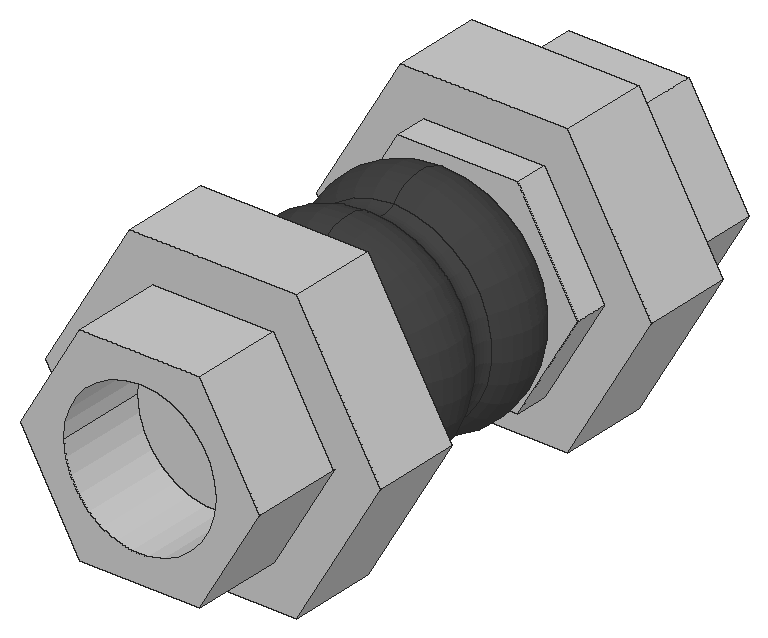
Revit family "КА РАШВОРК  арт.505 .rfa", category Арматура трубопроводов, Revit 2021
Family settings
  Размер круглого соединителя = Использовать диаметр
  Тип детали = Вставляется
  На основе рабочей плоскости = Нет
  Всегда вертикально = Нет
  При загрузке вырезать с полостями = Да
  Общий = Нет
Parameters (values of type "Компенсатор антивибрационный РАШВОРК 505-050-16, DN050, PN16, корпус - EPDM+Nylon, резьбовое соединение - ковкий чугун, ВР/ВР")
  Уго_длинна = 115 mm
  Корпус_ = Корпус : Корпус50
  Корпус = EPDM
  Отметка по умолчанию = 0 mm
  Муфтовое соединение = Ковкий чугун
  Изготовитель = "ООО \"ТД \"РАШВОРК\""
  URL = "https://rwru.ru/"
  LL_3 = 29 mm
  LL_2 = 95 mm
  LL3 = 30 mm
  LL2 = 70 mm
  LL = 68 mm
  L2 = 100 mm
  L = L2 * 2  # 200 mm
  DN_соединителя = 50 mm
  DN = 50 mm
  ADSK_Примечание = ""
  ADSK_Наименование краткое = ""
  ADSK_Наименование = "Компенсатор антивибрационный РАШВОРК 505-050-16, DN050, PN16, корпус - EPDM+Nylon, резьбовое соединение - ковкий чугун, ВР/ВР"
  ADSK_Масса = 2.71
  ADSK_Код изделия = "505-050-16"
  ADSK_Завод-изготовитель = "ООО \"ТД \"РАШВОРК\""
  ADSK_Единица измерения = "шт"
Types (9, lengths in mm): name | Корпус_ | LL_3 | LL_2 | LL3 | LL2 | LL | L2 | L | DN_соединителя | DN | ADSK_Наименование | ADSK_Масса | ADSK_Код изделия
  (no name) | Корпус : Корпус50 | 29 | 95 | 30 | 70 | 68 | 100 | 200 | 50 | 50 | "Компенсатор антивибрационный РАШВОРК 505-050-16, DN050, PN16, корпус - EPDM+Nylon, резьбовое соединение - ковкий чугун, ВР/ВР" | 2.71 | "505-050-16"
  Компенсатор антивибрационный РАШВОРК 505-015-16, DN015, PN16, корпус - EPDM+Nylon, резьбовое соединение - ковкий чугун, ВР/ВР | Корпус : Корпус15 | 25 | 51 | 17 | 57 | 30 | 100 | 200 | 15 | 15 | "Компенсатор антивибрационный РАШВОРК 505-015-16, DN015, PN16, корпус - EPDM+Nylon, резьбовое соединение - ковкий чугун, ВР/ВР" | 0.71 | "505-015-16"
  Компенсатор антивибрационный РАШВОРК 505-080-16, DN080, PN16, корпус - EPDM+Nylon, резьбовое соединение - ковкий чугун, ВР/ВР | Корпус : Корпус80 | 34 | 114 | 34 | 84 | 96 | 120 | 240 | 80 | 80 | "Компенсатор антивибрационный РАШВОРК 505-080-16, DN080, PN16, корпус - EPDM+Nylon, резьбовое соединение - ковкий чугун, ВР/ВР" | 5.78 | "505-080-16"
  Компенсатор антивибрационный РАШВОРК 505-065-16, DN065, PN16, корпус - EPDM+Nylon, резьбовое соединение - ковкий чугун, ВР/ВР | Корпус : Корпус65 | 34 | 114 | 36 | 84 | 82 | 120 | 240 | 65 | 65 | "Компенсатор антивибрационный РАШВОРК 505-065-16, DN065, PN16, корпус - EPDM+Nylon, резьбовое соединение - ковкий чугун, ВР/ВР" | 3.8 | "505-065-16"
  Компенсатор антивибрационный РАШВОРК 505-040-16, DN040, PN16, корпус - EPDM+Nylon, резьбовое соединение - ковкий чугун, ВР/ВР | Корпус : Корпус40 | 27 | 79 | 24 | 64 | 56 | 100 | 200 | 40 | 40 | "Компенсатор антивибрационный РАШВОРК 505-040-16, DN040, PN16, корпус - EPDM+Nylon, резьбовое соединение - ковкий чугун, ВР/ВР" | 2.1 | "505-040-16"
  Компенсатор антивибрационный РАШВОРК 505-050-16, DN050, PN16, корпус - EPDM+Nylon, резьбовое соединение - ковкий чугун, ВР/ВР | Корпус : Корпус50 | 29 | 95 | 30 | 70 | 68 | 100 | 200 | 50 | 50 | "Компенсатор антивибрационный РАШВОРК 505-050-16, DN050, PN16, корпус - EPDM+Nylon, резьбовое соединение - ковкий чугун, ВР/ВР" | 2.71 | "505-050-16"
  Компенсатор антивибрационный РАШВОРК 505-032-16, DN032, PN16, корпус - EPDM+Nylon, резьбовое соединение - ковкий чугун, ВР/ВР | Корпус : Корпус32 | 26 | 72 | 20 | 65 | 50 | 100 | 200 | 32 | 32 | "Компенсатор антивибрационный РАШВОРК 505-032-16, DN032, PN16, корпус - EPDM+Nylon, резьбовое соединение - ковкий чугун, ВР/ВР" | 1.51 | "505-032-16"
  Компенсатор антивибрационный РАШВОРК 505-025-16, DN025, PN16, корпус - EPDM+Nylon, резьбовое соединение - ковкий чугун, ВР/ВР | Корпус : Корпус25 | 25 | 64 | 20 | 63 | 42 | 100 | 200 | 25 | 25 | "Компенсатор антивибрационный РАШВОРК 505-025-16, DN025, PN16, корпус - EPDM+Nylon, резьбовое соединение - ковкий чугун, ВР/ВР" | 1.23 | "505-025-16"
  Компенсатор антивибрационный РАШВОРК 505-020-16, DN020, PN16, корпус - EPDM+Nylon, резьбовое соединение - ковкий чугун, ВР/ВР | Корпус : Корпус20 | 22 | 51 | 15 | 52 | 33 | 100 | 200 | 20 | 20 | "Компенсатор антивибрационный РАШВОРК 505-020-16, DN020, PN16, корпус - EPDM+Nylon, резьбовое соединение - ковкий чугун, ВР/ВР" | 0.71 | "505-020-16"
Reference planes
  plane 1 "По центру (Вперед/Назад)": y = 0
  plane 2: z = 0
  plane 3 "По центру (Влево/Вправо)": x = 0
  plane 4: z = 34
  plane 5: z = -34
  plane 6: through (631.09, -1524, 1093.08) normal (0.866, 0, -0.5)
  plane 7: through (-688.535, 0, -1124.577) normal (0.866, 0, -0.5)
  plane 8: through (-629.645, 0, -1158.577) normal (0.866, 0, -0.5)
  plane 9: through (-631.09, -1524, 1093.08) normal (0.866, 0, 0.5)
  plane 10: through (688.535, 0, -1124.577) normal (0.866, 0, 0.5)
  plane 11: through (629.645, 0, -1158.577) normal (0.866, 0, 0.5)
  plane 12: y = 100
  plane 13: y = -100
  plane 14: x = -12.5
  plane 15: x = 12.5
  plane 16: x = -35
  plane 17: x = 35
  plane 18: y = 30
  plane 19: y = -30
  plane 20: z = 47.5
  plane 21: z = -47.5
  plane 22: through (-589.954, -1524, 1116.83) normal (0.866, 0, 0.5)
  plane 23: through (-672.226, -1524, 1069.33) normal (0.866, 0, 0.5)
  plane 24: through (589.954, -1524, 1116.83) normal (0.866, 0, -0.5)
  plane 25: through (672.226, -1524, 1069.33) normal (0.866, 0, -0.5)
  plane 26: y = 70
  plane 27: y = 41
  plane 28: y = -70
  plane 29: y = -41
Forms (mm)
  Extrusion 1, solid, material "Ковкий чугун" <- "Муфтовое соединение", detail levels medium+fine
    sketch origin (0, 0, 0) x (1, 0, 0) y (0, 0, -1)
      loop
        line (-19.63, -34) -> (19.63, -34) -> (39.26, 0) -> (19.63, 34) -> (-19.63, 34) -> (-39.26, 0) -> (-19.63, -34)
    from 30 to 100
  Extrusion 2, solid, material "Ковкий чугун" <- "Муфтовое соединение", detail levels medium+fine
    sketch origin (0, 0, 0) x (1, 0, 0) y (0, 0, 1)
      loop
        line (-19.63, 34) -> (-39.26, 0) -> (-19.63, -34) -> (19.63, -34) -> (39.26, 0) -> (19.63, 34) -> (-19.63, 34)
    from 30 to 100
  Extrusion 3, void
    sketch origin (0, 0, 0) x (1, 0, 0) y (0, 0, -1)
      loop
        circle (0, 0) r 25
    from 70 to 100
  Extrusion 4, solid, material "Ковкий чугун", detail levels medium+fine
    sketch origin (0, 0, 0) x (1, 0, 0) y (0, 0, 1)
      loop
        line (-27.424, 47.5) -> (-54.848, 0) -> (-27.424, -47.5) -> (27.424, -47.5) -> (54.848, 0) -> (27.424, 47.5) -> (-27.424, 47.5)
    from -70 to -41
  Extrusion 5, solid, material "Ковкий чугун", detail levels medium+fine
    sketch origin (0, 0, 0) x (1, 0, 0) y (0, 0, -1)
      loop
        line (-27.424, -47.5) -> (27.424, -47.5) -> (54.848, 0) -> (27.424, 47.5) -> (-27.424, 47.5) -> (-54.848, 0) -> (-27.424, -47.5)
    from -70 to -41
  Extrusion 6, void
    sketch origin (0, 0, 0) x (1, 0, 0) y (0, 0, 1)
      loop
        circle (0, 0) r 25
    from 70 to 100
Cuts and joins
  Extrusion 3 cuts Extrusion 1
  Extrusion 3, Extrusion 6 cuts Extrusion 2
  Extrusion 6 cuts Extrusion 5
Dimensions and locks
  equal spacing: plane 8, plane 6, plane 7
  "LL": plane 8 to plane 7
  equal spacing: plane 4, level, plane 5
  "LL": plane 4 to plane 5
  equal spacing: plane 11, plane 9, plane 10
  "LL": plane 11 to plane 10
  equal spacing: plane 14, plane 3 "По центру (Влево/Вправо)", plane 15
  plane 14 to plane 15 = 25 mm
  equal spacing: plane 16, plane 3 "По центру (Влево/Вправо)", plane 17
  plane 16 to plane 17 = 70 mm
  "L2": plane 12 to plane 1 "По центру (Вперед/Назад)"
  "LL2": plane 12 to plane 18
  "LL2": plane 19 to plane 13
  "L2": plane 1 "По центру (Вперед/Назад)" to plane 13
  equal spacing: plane 20, level, plane 21
  "LL_2": plane 20 to plane 21
  equal spacing: plane 25, plane 6, plane 24
  "LL_2": plane 25 to plane 24
  equal spacing: plane 22, plane 9, plane 23
  "LL_2": plane 22 to plane 23
  "LL3": plane 12 to plane 26
  "LL_3": plane 26 to plane 27
  "LL3": plane 28 to plane 13
  "LL_3": plane 29 to plane 28
  "DN": diameter of Extrusion 3 sketch curve
  "DN": diameter of Extrusion 6 sketch curve
  aligned and locked: level to plane 2
  aligned and locked: cut or joined group of Extrusion 1, Extrusion 3 to plane 12  (x2)
  aligned and locked: plane 18 to cut or joined group of Extrusion 1, Extrusion 3
  aligned and locked: plane 13 to cut or joined group of Extrusion 2, Extrusion 3, Extrusion 6  (x2)
  aligned and locked: cut or joined group of Extrusion 2, Extrusion 3, Extrusion 6 to plane 19
  aligned and locked: plane 20 to Extrusion 4
  aligned and locked: plane 22 to Extrusion 4
  aligned and locked: plane 25 to Extrusion 4
  aligned and locked: Extrusion 4 to plane 21
  aligned and locked: Extrusion 4 to plane 23
  aligned and locked: Extrusion 4 to plane 24
  aligned and locked: Extrusion 4 to plane 26
  aligned and locked: plane 27 to Extrusion 4
  aligned and locked: plane 28 to Extrusion 5
  aligned and locked: Extrusion 5 to plane 29
  aligned and locked: plane 26 to cut or joined group of Extrusion 1, Extrusion 3
  aligned and locked: plane 3 "По центру (Влево/Вправо)" to Extrusion 6 sketch curve
  aligned and locked: level to Extrusion 6 sketch curve
  aligned and locked: plane 13 to Extrusion 6
  aligned and locked: plane 28 to cut or joined group of Extrusion 5, Extrusion 6
  aligned and locked: cut or joined group of Extrusion 2, Extrusion 3, Extrusion 6 to plane 28
  aligned and locked: plane 1 "По центру (Вперед/Назад)" to nested 1
  aligned and locked: plane 3 "По центру (Влево/Вправо)" to nested 1
  aligned and locked: plane 1 "По центру (Вперед/Назад)" to nested 2
  aligned and locked: nested 2 to level
Automatic sketch dimensions
  Extrusion 1 sketch curve to level = 0 mm  (x2)
  Extrusion 1 sketch curve to plane 7 = 0 mm  (x2)
  Extrusion 1 sketch curve to plane 4 = 0 mm
  Extrusion 1 sketch curve to plane 5 = 0 mm
  Extrusion 1 sketch curve to plane 6 = 0 mm  (x2)
  Extrusion 1 sketch curve to plane 8 = 0 mm  (x2)
  Extrusion 2 sketch curve to level = 0 mm  (x2)
  Extrusion 2 sketch curve to plane 7 = 0 mm  (x2)
  Extrusion 2 sketch curve to plane 4 = 0 mm
  Extrusion 2 sketch curve to plane 5 = 0 mm
  Extrusion 2 sketch curve to plane 6 = 0 mm  (x2)
  Extrusion 2 sketch curve to plane 8 = 0 mm  (x2)
  Extrusion 4 sketch curve to level = 0 mm  (x2)
  Extrusion 4 sketch curve to plane 23 = 0 mm
  plane 9 to Extrusion 4 sketch curve = 0 mm  (x2)
  Extrusion 4 sketch curve to plane 20 = 0 mm
  Extrusion 4 sketch curve to plane 6 = 0 mm  (x2)
  Extrusion 4 sketch curve to plane 21 = 0 mm
  Extrusion 4 sketch curve to plane 22 = 0 mm
  Extrusion 5 sketch curve to level = 0 mm  (x2)
  Extrusion 5 sketch curve to plane 23 = 0 mm
  plane 9 to Extrusion 5 sketch curve = 0 mm  (x2)
  Extrusion 5 sketch curve to plane 20 = 0 mm
  Extrusion 5 sketch curve to plane 6 = 0 mm  (x2)
  Extrusion 5 sketch curve to plane 21 = 0 mm
  Extrusion 5 sketch curve to plane 22 = 0 mm
  Extrusion 3 sketch curve to level = 0 mm
  Extrusion 3 sketch curve to plane 3 "По центру (Влево/Вправо)" = 0 mm
Nested families
  nested 1: "Корпус" at (0, 0, 0), type <- "Корпус_", type "Корпус50", detail levels medium+fine
  nested 2: "УГО_ГибкаяВставка_" at (0, 0, 0), type "УГО_ГибкаяВставка_", detail levels coarse
    with Ширина 133.333 mm, Длина 200 mm
Connectors
  piping at (0, 100, 0), diameter 50, driven by "DN_соединителя"
    settings: on cut or joined group of Extrusion 1, Extrusion 3, index 1, connector inside diameter 609.6 mm, connector length 0 mm, flow factor 0, pipe flow 0.0 L/s, pressure drop 0.0 Pa, fitting loss kfactor 0, connector angle 0.00°, fixture units 0, engagement length 0 mm, angle of deflection 0.00°, flow configuration 0, flow direction 0, fitting loss method 0, system type 7, joint type 0, gender type 0, connector reference index 2, connector utility 0, adjustable connector no, is connector primary yes, connector description ""
  piping at (0, -100, 0), diameter 50, driven by "DN_соединителя"
    settings: on cut or joined group of Extrusion 2, Extrusion 3, Extrusion 6, index 2, connector inside diameter 609.6 mm, connector length 0 mm, flow factor 0, pipe flow 0.0 L/s, pressure drop 0.0 Pa, fitting loss kfactor 0, connector angle 0.00°, fixture units 0, engagement length 0 mm, angle of deflection 0.00°, flow configuration 0, flow direction 0, fitting loss method 0, system type 7, joint type 0, gender type 0, connector reference index 1, connector utility 0, adjustable connector no, is connector primary no, connector description ""
Definition of nested family "Корпус"
  Parameters (values of type "Корпус20")
    Default Elevation = 0 mm
    Корпус80 = no
    Корпус65 = no
    Корпус50 = no
    Корпус40 = no
    Корпус32 = no
    Корпус25 = no
    Корпус20 = yes
    Корпус15 = no
    Резиновая вставка = none
  Types (8, lengths in mm): name | Корпус80 | Корпус65 | Корпус50 | Корпус40 | Корпус32 | Корпус25 | Корпус20 | Корпус15
    Корпус15 | no | no | no | no | no | no | no | yes
    Корпус80 | yes | no | no | no | no | no | no | no
    Корпус20 | no | no | no | no | no | no | yes | no
    Корпус25 | no | no | no | no | no | yes | no | no
    Корпус32 | no | no | no | no | yes | no | no | no
    Корпус40 | no | no | no | yes | no | no | no | no
    Корпус65 | no | yes | no | no | no | no | no | no
    Корпус50 | no | no | yes | no | no | no | no | no
  Reference planes
    plane 1 "По центру (Вперед/Назад)": y = 0
    plane 2: z = 0
    plane 3 "По центру (Влево/Вправо)": x = 0
  Forms (mm)
    Revolve 1, solid, material <- "Резиновая вставка", visible <- "Корпус15"
      sketch origin (0, 0, 0) x (0, 1, 0) y (0, 0, 1)
        loop
          line (43, 0) -> (43, 13.5) -> (30.632, 13.5)
          arc (30.632, 13.5) -> (29.152, 13.724) -> (27.805, 14.376) r 5
          arc (27.805, 14.376) -> (15.298, 18.486) -> (2.542, 15.234) r 23.525
          arc (2.542, 15.234) -> (0, 14.54) -> (-2.542, 15.234) r 5
          arc (-2.542, 15.234) -> (-15.298, 18.486) -> (-27.805, 14.376) r 23.525
          arc (-27.805, 14.376) -> (-29.152, 13.724) -> (-30.632, 13.5) r 5
          line (-30.632, 13.5) -> (-43, 13.5) -> (-43, 0) -> (43, 0)
        axis (43, 0) -> (-43, 0)
      angle from 0 to 360
    Revolve 2, solid, visible <- "Корпус80"
      sketch origin (0, 0, 0) x (0, 1, 0) y (0, 0, 1)
        loop
          line (36, 0) -> (36, 30)
          arc (36, 30) -> (18, 44.625) -> (0, 30) r 18.39
          arc (0, 30) -> (-18, 44.625) -> (-36, 30) r 18.39
          line (-36, 30) -> (-36, 0) -> (36, 0)
        axis (36, 0) -> (-36, 0)
      angle from 0 to 360
    Revolve 3, solid, visible <- "Корпус20"
      sketch origin (0, 0, 0) x (1, 0, 0) y (0, 1, 0)
        loop
          line (0, 48) -> (-13.5, 48) -> (-13.5, 30.632)
          arc (-13.5, 30.632) -> (-13.724, 29.152) -> (-14.376, 27.805) r 5
          arc (-14.376, 27.805) -> (-18.486, 15.298) -> (-15.234, 2.542) r 23.525
          arc (-15.234, 2.542) -> (-14.54, 0) -> (-15.234, -2.542) r 5
          arc (-15.234, -2.542) -> (-18.486, -15.298) -> (-14.376, -27.805) r 23.525
          arc (-14.376, -27.805) -> (-13.724, -29.152) -> (-13.5, -30.632) r 5
          line (-13.5, -30.632) -> (-13.5, -48) -> (0, -48) -> (0, 48)
        axis (0, 48) -> (0, -48)
      angle from 0 to 360
    Revolve 4, solid, visible <- "Корпус25"
      sketch origin (0, 0, 0) x (1, 0, 0) y (0, 1, 0)
        loop
          line (0, 37) -> (-16.5, 37) -> (-16.5, 32.321)
          arc (-16.5, 32.321) -> (-16.912, 30.334) -> (-18.079, 28.674) r 5
          arc (-18.079, 28.674) -> (-23.958, 16.252) -> (-19.787, 3.158) r 18.75
          arc (-19.787, 3.158) -> (-18.664, 0) -> (-19.787, -3.158) r 5
          arc (-19.787, -3.158) -> (-23.958, -16.252) -> (-18.079, -28.674) r 18.75
          arc (-18.079, -28.674) -> (-16.912, -30.334) -> (-16.5, -32.321) r 5
          line (-16.5, -32.321) -> (-16.5, -37) -> (0, -37) -> (0, 37)
        axis (0, -37) -> (0, 37)
      angle from 0 to 360
    Revolve 5, solid, visible <- "Корпус32"
      sketch origin (0, 0, 0) x (1, 0, 0) y (0, 1, 0)
        loop
          line (0, 35) -> (-19.006, 35)
          arc (-19.006, 35) -> (-20.977, 34.595) -> (-22.629, 33.445) r 5
          arc (-22.629, 33.445) -> (-28.977, 18.53) -> (-23.981, 3.109) r 23.141
          arc (-23.981, 3.109) -> (-22.897, 0) -> (-23.981, -3.109) r 5
          arc (-23.981, -3.109) -> (-28.977, -18.53) -> (-22.629, -33.445) r 23.141
          arc (-22.629, -33.445) -> (-20.977, -34.595) -> (-19.006, -35) r 5
          line (-19.006, -35) -> (0, -35) -> (0, 0) -> (0, 35)
        axis (0, 35) -> (0, -35)
      angle from 0 to 360
    Revolve 6, solid, visible <- "Корпус40"
      sketch origin (0, 0, 0) x (1, 0, 0) y (0, 1, 0)
        loop
          line (0, 36) -> (-28.717, 36)
          arc (-28.717, 36) -> (-33.488, 17.861) -> (-27.761, 0) r 33.5
          arc (-27.761, 0) -> (-33.488, -17.861) -> (-28.717, -36) r 33.5
          line (-28.717, -36) -> (0, -36) -> (0, 36)
        axis (0, 36) -> (0, -36)
      angle from 0 to 360
    Revolve 7, solid, material <- "Резиновая вставка", visible <- "Корпус80"
      sketch origin (0, 0, 0) x (1, 0, 0) y (0, 1, 0)
        loop
          line (0, -36) -> (0, 36) -> (-30, 36)
          arc (-30, 36) -> (-44.625, 18) -> (-30, 0) r 18.39
          arc (-30, 0) -> (-44.625, -18) -> (-30, -36) r 18.39
          line (-30, -36) -> (0, -36)
        axis (0, 36) -> (0, -36)
      angle from 0 to 360
    Revolve 8, solid, visible <- "Корпус50"
      sketch origin (0, 0, 0) x (0, 1, 0) y (0, 0, 1)
        loop
          line (30, -25) -> (30, 0) -> (-30, 0) -> (-30, -25)
          arc (-30, -25) -> (-19.047, -36.643) -> (-3.69, -32.203) r 15.325
          arc (-3.69, -32.203) -> (0, -30.577) -> (3.69, -32.203) r 5
          arc (3.69, -32.203) -> (19.047, -36.643) -> (30, -25) r 15.325
        axis (30, 0) -> (-30, 0)
      angle from 0 to 360
    Revolve 9, solid, material <- "Резиновая вставка", visible <- "Корпус65"
      sketch origin (0, 0, 0) x (0, 1, 0) y (0, 0, 1)
        loop
          line (36, 0) -> (36, 30)
          arc (36, 30) -> (18, 44.625) -> (0, 30) r 18.39
          arc (0, 30) -> (-18, 44.625) -> (-36, 30) r 18.39
          line (-36, 30) -> (-36, 0) -> (36, 0)
        axis (36, 0) -> (-36, 0)
      angle from 0 to 360
  Dimensions and locks
    aligned and locked: level to plane 2
Definition of nested family "УГО_ГибкаяВставка_"
  Parameters (values of type "УГО_ГибкаяВставка_")
    Ширина = Длина / 1.5  # 100 mm
    Default Elevation = 0 mm
    Длина = 150 mm
  Reference planes
    plane 1 "По центру (Вперед/Назад)": y = 0
    plane 2: z = 0
    plane 3 "По центру (Влево/Вправо)": x = 0
    plane 4: z = 50
    plane 5: z = -50
    plane 6: y = 75
    plane 7: y = -75
    plane 8: y = 37.5
    plane 9: y = -37.5
  Lines and regions (mm)
    model lines
      curve 1: line (0, 0, 50) -> (0, 37.5, -50)
      curve 2: line (0, 37.5, -50) -> (0, 37.5, 50)
      curve 3: line (0, 0, 50) -> (0, 0, -50)
      curve 4: line (0, 0, -50) -> (0, -37.5, 50)
      curve 5: line (0, -37.5, 50) -> (0, -37.5, -50)
      curve 6: line (0, -37.5, 0) -> (0, -75, 0)
      curve 7: line (0, 37.5, 0) -> (0, 75, 0)
  Dimensions and locks
    equal spacing: plane 4, level, plane 5
    "Ширина": plane 4 to plane 5
    equal spacing: plane 6, plane 8, plane 1 "По центру (Вперед/Назад)", plane 9, plane 7
    "Длина": plane 6 to plane 7
    aligned and locked: level to plane 2
    aligned and locked: curve 6 to level
    aligned and locked: level to curve 7
    aligned and locked: plane 8 to curve 2
    aligned and locked: curve 3 to plane 1 "По центру (Вперед/Назад)"
    aligned and locked: curve 5 to plane 9
  Automatic sketch dimensions
    curve 6 to plane 7 = 0 mm
    curve 4 to plane 4 = 0 mm
    curve 2 to plane 5 = 0 mm
    curve 7 to plane 6 = 0 mm
    curve 5 to plane 5 = 0 mm
    curve 3 to plane 5 = 0 mm
    curve 3 to plane 4 = 0 mm
    curve 2 to plane 4 = 0 mm
